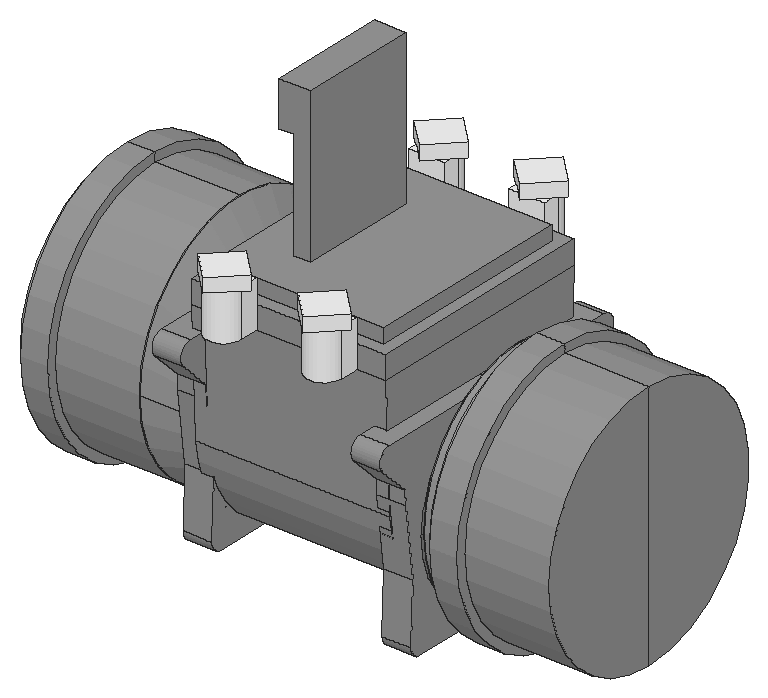
Revit family "HL_Механический канализационный затвор_HL720.1", category Příslušenství trubek, Revit 2016
Family settings
  Typ součásti = Normální
  Kóta kulaté spojky = Použít průměr
  Číslo OmniClass = 23.65.55.14.21
  Nadpis OmniClass = Non-Return Valves for Liquid Services
  Založené na pracovní rovině = Ne
  Vždy vertikální = Ano
  Ořezat dutým tvarem při načtení = Ne
  Sdílené = Ne
Parameters
  РАЗМЕР = "DN200"
  ПРОПУСКНАЯ СПОСОБНОСТЬ [instance] = 0.0 m³/h
  ПРАВОВАЯ ИНФОРМАЦИЯ = "\"Copyright (©), design rights or any other intellectual property rights, shall be the exclusive property of HL Hutterer & Lechner GmbH. Modification is not allowed. Family has been watermarked.\""
  ПАДЕНИЕ ДАВЛЕНИЯ [instance] = 0.0 Pa
  НОМИНАЛЬНЫЙ ДИАМЕТР 2 = 200 mm
  НОМИНАЛЬНЫЙ ДИАМЕТР = 200 mm
  МАТЕРИАЛ = "ABS"
  ВЫСОТА МОНТАЖА = "350 mm"
  ВЕС = "3,68 kg"
  Výrobce = "HL Hutterer & Lechner GmbH"
  URL = "http://www.hutterer-lechner.com/en/products/catalog/roof-drains/HL720.1.aspx"
  Description = "Anti flood valves"
  Model = "HL720.1"
  Type Comments = "anti-flood valve DN200 with stainless steel flap and manual blocking"
  Keynote = "HL720.1"
  EAN = "9003076972012"
  Cena = 0
Types (2, lengths in mm): name | ПРАВОВАЯ ИНФОРМАЦИЯ | URL | Description | Type Comments
  (no name) | "\"Copyright (©), design rights or any other intellectual property rights, shall be the exclusive property of HL Hutterer & Lechner GmbH. Modification is not allowed. Family has been watermarked.\"" | "http://www.hutterer-lechner.com/en/products/catalog/roof-drains/HL720.1.aspx" | "Anti flood valves" | "anti-flood valve DN200 with stainless steel flap and manual blocking"
  HL_Механический канализационный затвор_HL720.1 | "\"Авторские права(©), права на дизайн или какие либо другие права интелектуальной собственности являются исключительной собственностью компании HL Hutterer & Lechner. Изменению не подлежит. Файл семейства с данными о прозводителе изделия защищен паролем с водяным знаком.\"" | "http://www.hutterer-lechner.com/ru/products/catalog/roof-drains/HL720.1.aspx" | "Механический канализационный затвор" | "Канализационный затвор DN200 с заслонкой из нержавеющей стали и ручным затвором"
Reference planes
  plane 1 "Střed (vpředu/vzadu)": y = 0
  plane 2: z = 0
  plane 3 "Střed (vlevo/vpravo)": x = 0
Forms (mm)
  Extrusion 1, solid, material "Plastic - Orange", detail levels fine
    sketch origin (127, -0.5, 111.5) x (1, 0, 0) y (0, 1, 0)
      loop
        line (70, -88.309) -> (70, 88.309) -> (-73, 88.309) -> (-73, -88.309) -> (70, -88.309)
    from -12 to 0
  Extrusion 2, solid, material "Plastic - Orange", detail levels fine
    sketch origin (127, -0.5, 99.5) x (0, 1, 0) y (1, 0, 0)
      loop
        line (99.13, -83) -> (99.13, 80) -> (-98.87, 80) -> (-98.87, -83) -> (99.13, -83)
    from 0 to 20
  Sweep 3, solid, material "Plastic - Orange", detail levels fine
    path origin (127, -0.5, 111.5) x (1, 0, 0) y (0, 0, 1)
      loop
        line (80, -32) -> (-83, -32)
    profile origin (125.5, -0.5, 79.5) x (0, 0, -1) y (0, -1, 0)
      loop
        line (0, -99.13) -> (104.005, -94.138)
        arc (104.005, -94.138) -> (166.421, -64.809) -> (189.998, 0) r 90.409
        arc (189.998, 0) -> (166.421, 64.809) -> (104.005, 94.138) r 90.409
        line (104.005, 94.138) -> (0, 99.13) -> (0, 0) -> (0, -99.13)
  Extrusion 4, solid, material "Plactic - White", detail levels fine
    sketch origin (127, -0.5, 111.5) x (1, 0, 0) y (0, 1, 0)
      loop
        line (40.5, -136.497) -> (63.127, -113.87) -> (40.5, -91.242) -> (17.873, -113.87) -> (40.5, -136.497)
    from 7.235 to 19.235
  Extrusion 5, solid, material "Plactic - White", detail levels fine
    sketch origin (127, -0.5, 118.735) x (0, 1, 0) y (1, 0, 0)
      loop
        arc (-113.87, 55.5) -> (-128.87, 40.5) -> (-113.87, 25.5) r 15
        line (-113.87, 25.5) -> (-98.52, 25.5) -> (-98.52, 55.5) -> (-113.87, 55.5)
    from 0 to 39.235
  Extrusion 6, solid, material "Plactic - White", detail levels fine
    sketch origin (43, -0.5, 111.5) x (1, 0, 0) y (0, 1, 0)
      loop
        line (40.5, -136.497) -> (63.127, -113.87) -> (40.5, -91.242) -> (17.873, -113.87) -> (40.5, -136.497)
    from 7.235 to 19.235
  Extrusion 7, solid, material "Plactic - White", detail levels fine
    sketch origin (43, -0.5, 118.735) x (0, 1, 0) y (1, 0, 0)
      loop
        arc (-113.87, 55.5) -> (-128.87, 40.5) -> (-113.87, 25.5) r 15
        line (-113.87, 25.5) -> (-98.52, 25.5) -> (-98.52, 55.5) -> (-113.87, 55.5)
    from 0 to 39.235
  Extrusion 8, solid, material "Plactic - White", detail levels fine
    sketch origin (127, -0.5, 111.5) x (1, 0, 0) y (0, 1, 0)
      loop
        line (40.5, 136.497) -> (17.873, 113.87) -> (40.5, 91.242) -> (63.127, 113.87) -> (40.5, 136.497)
    from 7.235 to 19.235
  Extrusion 9, solid, material "Plactic - White", detail levels fine
    sketch origin (127, -0.5, 118.735) x (0, -1, 0) y (1, 0, 0)
      loop
        arc (-113.87, 55.5) -> (-128.87, 40.5) -> (-113.87, 25.5) r 15
        line (-113.87, 25.5) -> (-98.52, 25.5) -> (-98.52, 55.5) -> (-113.87, 55.5)
    from 0 to 39.235
  Extrusion 10, solid, material "Plactic - White", detail levels fine
    sketch origin (43, -0.5, 111.5) x (1, 0, 0) y (0, 1, 0)
      loop
        line (40.5, 136.497) -> (17.873, 113.87) -> (40.5, 91.242) -> (63.127, 113.87) -> (40.5, 136.497)
    from 7.235 to 19.235
  Extrusion 11, solid, material "Plactic - White", detail levels fine
    sketch origin (43, -0.5, 118.735) x (0, -1, 0) y (1, 0, 0)
      loop
        arc (-113.87, 55.5) -> (-128.87, 40.5) -> (-113.87, 25.5) r 15
        line (-113.87, 25.5) -> (-98.52, 25.5) -> (-98.52, 55.5) -> (-113.87, 55.5)
    from 0 to 39.235
  Extrusion 12, solid, material "Plastic - Orange", detail levels fine
    sketch origin (127, -0.5, 111.5) x (0, 1, 0) y (0, 0, 1)
      loop
        arc (-112.5, -69.599) -> (-121.739, -75.772) -> (-119.571, -86.67) r 10
        line (-119.571, -86.67) -> (-96.14, -110.101) -> (-95.533, -122.745) -> (-88.249, -181.291) -> (-90.006, -231.593)
        arc (-90.006, -231.593) -> (-87.075, -238.668) -> (-80, -241.599) r 10.006
        line (-80, -241.599) -> (0, -241.599) -> (80, -241.599)
        arc (80, -241.599) -> (87.075, -238.668) -> (90.006, -231.593) r 10.006
        line (90.006, -231.593) -> (88.249, -181.291) -> (95.533, -122.745) -> (96.14, -110.101) -> (119.571, -86.67)
        arc (119.571, -86.67) -> (121.739, -75.772) -> (112.5, -69.599) r 10
        line (112.5, -69.599) -> (0, -69.599) -> (-112.5, -69.599)
    from 70 to 94
  Extrusion 13, solid, material "Plastic - Orange", detail levels fine
    sketch origin (127, -0.5, 132.099) x (0, 1, 0) y (0, 0, 1)
      loop
        arc (-112.5, -69.599) -> (-121.739, -75.772) -> (-119.571, -86.67) r 10
        line (-119.571, -86.67) -> (-96.14, -110.101) -> (-95.533, -122.745) -> (-88.249, -181.291) -> (-90.006, -231.593)
        arc (-90.006, -231.593) -> (-87.075, -238.668) -> (-80, -241.599) r 10.006
        line (-80, -241.599) -> (0, -241.599) -> (80, -241.599)
        arc (80, -241.599) -> (87.075, -238.668) -> (90.006, -231.593) r 10.006
        line (90.006, -231.593) -> (88.249, -181.291) -> (95.533, -122.745) -> (96.14, -110.101) -> (119.571, -86.67)
        arc (119.571, -86.67) -> (121.739, -75.772) -> (112.5, -69.599) r 10
        line (112.5, -69.599) -> (0, -69.599) -> (-112.5, -69.599)
    from -97 to -73
  Revolve 14, solid, material "Plastic - Orange", detail levels fine
    sketch origin (127, -0.5, 111.5) x (1, 0, 0) y (0, 0, 1)
      loop
        line (-222, -111.5) -> (-122, -111.5) -> (-122, -6.5) -> (-193, -6.5) -> (-193, 0.981) -> (-215.833, 0.981) -> (-215.833, -6.5) -> (-222, -6.5) -> (-222, -111.5)
      axis (-122, -111.5) -> (-222, -111.5)
    angle from 0 to 360
  Blend 15, solid, material "Plastic - Orange", detail levels fine
    base sketch origin (127, -0.5, 111.5) x (0, 1, 0) y (0, 0, 1)
      loop
        circle (0, -111.5) r 105
    top sketch origin (127, -0.5, 111.5) x (0, 1, 0) y (0, 0, 1)
      loop
        circle (0, -129) r 80
    from -122 to -97
  Blend 16, solid, material "Plastic - Orange", detail levels fine
    base sketch origin (127, -0.5, 88.46) x (0, 1, 0) y (0, 0, -1)
      loop
        circle (0, 111.5) r 100
    top sketch origin (127, -0.5, 88.46) x (0, 1, 0) y (0, 0, -1)
      loop
        circle (0, 129) r 80
    from -112.862 to -94
  Extrusion 17, solid, material "Plastic - Orange", not visible, detail levels fine
    sketch origin (239.862, -0.5, 73.172) x (0, -1, 0) y (0, 0, -1)
      loop
        circle (0, 96.212) r 100
    from 0 to 109.138
  Extrusion 18, solid, material "Plastic - Red", detail levels fine
    sketch origin (127, 0, 111.5) x (1, 0, 0) y (0, 0, 1)
      loop
        line (-22.5, 128.65) -> (-49, 128.65) -> (-49, 91.15) -> (-36.5, 91.15) -> (-36.5, 0) -> (-22.5, 0) -> (-22.5, 128.65)
    from -50 to 50
  Revolve 19, solid, material "Plastic - Orange", detail levels fine
    sketch origin (471, -0.5, 88.46) x (1, 0, 0) y (0, 0, 1)
      loop
        line (-231.138, -111.5) -> (-122, -111.5) -> (-122, -6.5) -> (-193, -6.5) -> (-193, 0.981) -> (-215.833, 0.981) -> (-215.833, -6.5) -> (-222, -6.5) -> (-222, -11.5) -> (-231.138, -11.5) -> (-231.138, -111.5)
      axis (-122, -111.5) -> (-231.138, -111.5)
    angle from 0 to 360
Lines and regions (mm)
  model lines, style "Symbol", detail levels coarse+medium
    curve 1: line (0, 0, 0) -> (349, 0, -23.659)
    curve 2: line (299.5, 0, -71.83) -> (299.5, 0, 48.17)
    curve 3: line (49.5, 0, -71.83) -> (49.5, 0, 48.17)
    curve 4: line (49.5, 0, 48.17) -> (299.5, 0, 48.17)
    curve 11: line (49.5, 0, -71.83) -> (299.5, 0, -71.83)
  symbolic lines, style "Symbol", detail levels coarse+medium
    curve 5: line (350, 0, 0) -> (0, 0, 0)
    curve 6: line (300, -60, 0) -> (300, 60, 0)
    curve 7: line (50, -60, 0) -> (50, 60, 0)
    curve 8: line (50, 60, 0) -> (300, 60, 0)
    curve 12: line (174.5, -105, 0) -> (174.5, 105, 0)
    curve 13: line (50, -60, 0) -> (300, -60, 0)
  model lines, detail levels coarse+medium
    curve 9: line (174.5, 0, -11.83) -> (174.5, 0, 93.17)
    curve 10: line (174.5, 0, -116.83) -> (174.5, 0, -11.83)
Dimensions and locks
  aligned and locked: level to plane 2
Connectors
  piping at (0, 0, 0), diameter 200, driven by "ПАДЕНИЕ ДАВЛЕНИЯ", driven by "НОМИНАЛЬНЫЙ ДИАМЕТР", driven by "ПРОПУСКНАЯ СПОСОБНОСТЬ"
    settings: on plane 3 "Střed (vlevo/vpravo)", index 1, connector inside diameter 609.6 mm, connector length 0 mm, flow factor 0, pipe flow 0.0 m³/h, pressure drop 0.0 Pa, fitting loss kfactor 0, connector angle 0.00°, fixture units 0, engagement length 0 mm, angle of deflection 0.00°, flow configuration 0, flow direction 0, fitting loss method 4, system type 16, joint type 0, gender type 0, connector reference index -1, connector utility 0, adjustable connector no, is connector primary yes, connector description ""
  piping at (349, -0.5, -23.04), diameter 200, driven by "НОМИНАЛЬНЫЙ ДИАМЕТР 2", driven by "ПРОПУСКНАЯ СПОСОБНОСТЬ"
    settings: on Extrusion 17, index 2, connector inside diameter 609.6 mm, connector length 0 mm, flow factor 0, pipe flow 0.0 m³/h, pressure drop 0.0 Pa, fitting loss kfactor 0, connector angle 0.00°, fixture units 0, engagement length 0 mm, angle of deflection 0.00°, flow configuration 1, flow direction 2, fitting loss method 4, system type 16, joint type 0, gender type 0, connector reference index -1, connector utility 0, adjustable connector no, is connector primary no, connector description ""
